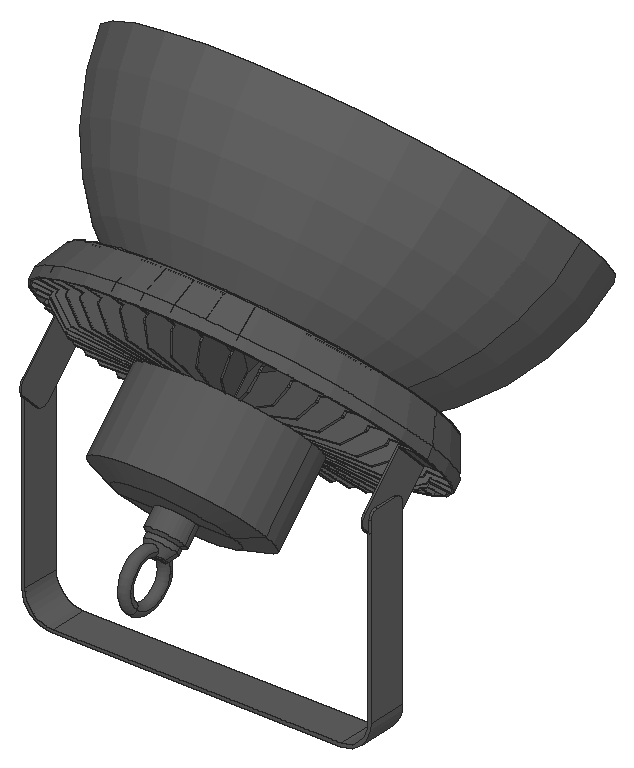
Revit family "0039367+0039355+0039360 Sylvania Lighting Fixture START HighBay IP65 DALI 26000lm 840 WB with BRACKET and ALU SHADE BLACK COLOR FOR 26KLM", category Lighting Fixtures, host Face, Revit 2016
Family settings
  Host = Face
  Part Type = Normal
  Round Connector Dimension = Use Diameter
  OmniClass Number = 23.80.70.00
  OmniClass Title = Lighting
  Cut with Voids When Loaded = No
  Light Source = No
  Shared = No
  Room Calculation Point = No
Parameters (values of type "0039367+0039355+0039360  START HighBay IP65 DALI 26000lm 840 WB with BRACKET and ALU SHADE BLACK COLOR FOR 26KLM")
  Weight = "3.7 kg"
  Wattage Comments = ""
  WarrantyStartDate [instance] = "n/a"
  WarrantyGuarantorParts = "n/a"
  WarrantyDurationUnit = "n/a"
  WarrantyDurationParts = "n/a"
  WarrantyDescription = "n/a"
  Voltage = 0 V
  URL = "http://www.sylvania-lighting.com"
  TypeName = "START HighBay IP65 DALI 26000lm 840 WB with BRACKET and ALU SHADE BLACK COLOR FOR 26KLM"
  TypeHead_FEILO = Start LED Highbay DALI Head : 0039367+0039355+0039360 START HighBay IP65 DALI 26000lm 840 WB with BRACKET and ALU SHADE BLACK COLOR FOR 26KLM
  Type Image = <None>
  Type Comments = "n/a"
  TiltAngle_FEILO [instance] = 45.00°
  ThicknessBracketPlate_FEILO = 3 mm
  SizeBracketS_FEILO = no
  SizeBracketM_FEILO = no
  SerialNumber [instance] = "n/a"
  RadiusBracketTop_FEILO = 7 mm
  RadiusBendOut_FEILO = if(SizeBracketS_FEILO, 18 mm, if(SizeBracketM_FEILO, 24 mm, 28 mm))  # 28 mm
  RadiusBendIn_FEILO = RadiusBendOut_FEILO - ThicknessBracketPlate_FEILO  # 25 mm
  Material_3_FEILO = none
  PowerFactor = 0.95
  PowerConsumption = "190 W"
  NominalLength = 339 mm
  NominalHeight = 189 mm
  NominalDepth = 339 mm
  Name = "START HighBay IP65 DALI 26000lm 840 WB with BRACKET and ALU SHADE BLACK COLOR FOR 26KLM"
  ModelReference = Name  # "START HighBay IP65 DALI 26000lm 840 WB with BRACKET and ALU SHADE BLACK COLOR FOR 26KLM"
  ModelNumber = "0039367+0039355+0039360"
  Model = Name  # "START HighBay IP65 DALI 26000lm 840 WB with BRACKET and ALU SHADE BLACK COLOR FOR 26KLM"
  Material = "aluminium alloy housing, polycarbonate diffuser"
  ManufacturerName = "Feilo Sylvania"
  Manufacturer = "Feilo Sylvania"
  LuminousEfficacy = "130 lm/W"
  LuminaireType = ""
  LightOutputRatio = "n/a"
  LampsType = Lamp  # "LED"
  LampNominalLuminous = "24700 lm"
  LampMacAdamStep = "6"
  LampColourTemperature = "6500 K"
  LampColourRenderingIndex = "80"
  Lamp = "LED"
  Keynote = "16500"
  InstallationDate [instance] = "n/a"
  InputVoltage = "n/a"
  InputNominalFrequency = "50/60 Hz"
  IngressProtection = "IP65"
  ImpactProtectionIndex = "IK08"
  IfcExportType = "IfcLightFixtureType"
  IfcExportAs = "IfcLightFixtureType"
  ExpectedLife = 50000
  EndAngle_FEILO [instance] = TiltAngle_FEILO + 180.00°  # 225.00°
  ElectricShockClassification = "Class I"
  DurationUnit = "hours"
  DocumentationLiterature = "http://www.sylvania-lighting.com/product/en-int/products/0039367"
  DimmingControlOptions = "Dimmable"
  Material_2_FEILO = none
  Description = "START Highbay, includes 1 m cables, black aluminium housing, 24,700 Lm, 190 W, 130 Lm/W, 6500 K, drive current: 4100 mA, CRI 80, 90° beam angle, DALI dimmable, IP65, IK08, 50,000 hrs (L80/B50), (D x H) 339 x 189 mm."
  Default Elevation = 1219.2 mm
  CreatedOn = "5/15/2018"
  CreatedBy = "aron.fodor@sylvania-lighting.com"
  Cost = 0
  built-in parameter 1114216 [instance] = (empty or 0)
  ClassificationValue = "EF_70_80"
  ClassificationName = "Uniclass2015"
  Material_1_FEILO = Body-Sylvania-StartHighbay-Black
  BracketHeight_FEILO = if(SizeBracketS_FEILO, 199.5 mm, if(SizeBracketM_FEILO, 209.6 mm, 201.3 mm))  # 201.3 mm
  BracketDistanceInner_FEILO = if(SizeBracketS_FEILO, 249.4 mm, if(SizeBracketM_FEILO, 273.6 mm, 313.2 mm))  # 313.2 mm
  BarCode [instance] = "n/a"
  AssetType = "Fixed"
  AssetIdentifier [instance] = "n/a"
  Assembly Code = "D5020200"
  Apparent Load = 190 VA
  Material_4_FEILO = none
Reference planes
  plane 1 "Center (Front/Back)": y = 0
  plane 2: z = 0
  plane 3 "Center (Left/Right)": x = 0
  plane 4: x = -159.6
  plane 5: x = 159.6
  plane 6: z = 201.3
  plane 7: x = -156.6
  plane 8: z = 3
  plane 9: x = 156.6
  plane 10: y = 17.5
  plane 11: y = -17.5
  plane 12: y = -19.5
  plane 13: z = 203.3
  plane 14: y = 19.5
  plane 15: z = 192.3
Forms (mm)
  Extrusion 1, solid, material "Body-Sylvania-StartHighbay-Black" <- "Material_1_FEILO"
    sketch origin (0, 0, 0) x (1, 0, 0) y (0, 0, 1)
      loop
        line (-159.6, 201.3) -> (-159.6, 28)
        arc (-159.6, 28) -> (-151.399, 8.201) -> (-131.6, 0) r 28
        line (-131.6, 0) -> (131.6, 0)
        arc (131.6, 0) -> (151.399, 8.201) -> (159.6, 28) r 28
        line (159.6, 28) -> (159.6, 201.3) -> (156.6, 201.3) -> (156.6, 28)
        arc (156.6, 28) -> (149.278, 10.322) -> (131.6, 3) r 25
        line (131.6, 3) -> (-131.6, 3)
        arc (-131.6, 3) -> (-149.278, 10.322) -> (-156.6, 28) r 25
        line (-156.6, 28) -> (-156.6, 201.3) -> (-159.6, 201.3)
    from -17.5 to 17.5
  Extrusion 2, void
    sketch origin (0, 0, 0) x (0, 1, 0) y (0, 0, 1)
      loop
        arc (10.5, 201.3) -> (15.45, 199.25) -> (17.5, 194.3) r 7
        line (17.5, 194.3) -> (19.5, 194.3) -> (19.5, 203.3) -> (-19.5, 203.3) -> (-19.5, 194.3) -> (-17.5, 194.3)
        arc (-17.5, 194.3) -> (-15.45, 199.25) -> (-10.5, 201.3) r 7
        line (-10.5, 201.3) -> (10.5, 201.3)
    from -159.6 to 159.6
  Revolve 3, solid, not visible
    sketch origin (1223.4, -4572, 192.3) x (0, -1, 0) y (1, 0, 0)
      loop
        line (-4572, -1223.4) -> (-4591.5, -1223.4) -> (-4591.5, -1277.783) -> (-4572, -1277.783) -> (-4572, -1223.4)
      axis (-4572, -1223.4) -> (-4572, -1277.783)
    angle from 45 <- "TiltAngle_FEILO" to 225 <- "EndAngle_FEILO"
Cuts and joins
  Extrusion 2 cuts Extrusion 1
Dimensions and locks
  "BracketHeight_FEILO": plane 6 to plane 2
  equal spacing: plane 11, plane 1 "Center (Front/Back)", plane 10
  locked: plane 11 to plane 10 at 35
  equal spacing: plane 9, plane 3 "Center (Left/Right)", plane 7
  "BracketDistanceInner_FEILO": plane 9 to plane 7
  "ThicknessBracketPlate_FEILO": plane 7 to plane 4
  "ThicknessBracketPlate_FEILO": plane 8 to plane 2
  equal spacing: plane 5, plane 3 "Center (Left/Right)", plane 4
  equal spacing: plane 12, plane 1 "Center (Front/Back)", plane 14
  locked: plane 6 to plane 13 at 2
  locked: plane 12 to plane 11 at 2
  locked: plane 6 to plane 15 at 9
  "RadiusBendOut_FEILO": radius of Extrusion 1 sketch curve  (x2)
  "RadiusBendIn_FEILO": radius of Extrusion 1 sketch curve  (x2)
  "RadiusBracketTop_FEILO": radius of Extrusion 2 sketch curve  (x2)
  aligned and locked: plane 2 to host face
  aligned and locked: level to host face
  aligned and locked: Extrusion 1 sketch curve to plane 4
  aligned and locked: Extrusion 1 sketch curve to level
  aligned and locked: plane 6 to Extrusion 1 sketch curve
  aligned and locked: Extrusion 1 sketch curve to plane 6
  aligned and locked: Extrusion 1 sketch curve to plane 7
  aligned and locked: plane 9 to Extrusion 1 sketch curve
  aligned and locked: plane 8 to Extrusion 1 sketch curve
  aligned and locked: Extrusion 1 to plane 10
  aligned and locked: plane 11 to Extrusion 1
  aligned and locked: Extrusion 1 to Extrusion 2 sketch curve
  aligned and locked: plane 14 to Extrusion 2 sketch curve  (x2)
  aligned and locked: Extrusion 2 sketch curve to plane 12
  aligned and locked: plane 13 to Extrusion 2 sketch curve
  aligned and locked: plane 5 to Extrusion 2
  aligned and locked: Extrusion 2 to plane 4
  aligned and locked: Revolve 3 sketch curve to plane 1 "Center (Front/Back)"
  aligned and locked: Revolve 3 sketch curve to Revolve 3 sketch curve
  aligned and locked: plane 3 "Center (Left/Right)" to Revolve 3 sketch curve
  aligned and locked: Revolve 3 sketch curve to plane 14
  aligned and locked: nested 1 to plane 3 "Center (Left/Right)"
Automatic sketch dimensions
  host sketch curve to host sketch curve = 2438.4 mm  (x2)
  Revolve 3 sketch curve to Revolve 3 sketch curve = 54.383 mm
  Revolve 3 sketch curve to plane 4 = 1396.3 mm
  plane 5 to Revolve 3 sketch curve = 1396.3 mm
  Extrusion 1 sketch curve to Extrusion 1 sketch curve = 0 mm
  Extrusion 2 sketch curve to plane 11 = 0 mm
  Extrusion 2 sketch curve to plane 10 = 0 mm
Nested families
  nested 1: "Start LED Highbay DALI Head" at (0, 0, 192.3) x (-1, 0, 0) z (0, 0.7071, 0.7071), type <- "TypeHead_FEILO", type "0039367+0039355+0039360 START HighBay IP65 DALI 26000lm 840 WB with BRACKET and ALU SHADE BLACK COLOR FOR 26KLM"
    with built-in parameter 1114216 (empty or 0)
Connectors
  electrical at (0, 0, 0), driven by "Apparent Load", driven by "PowerFactor", driven by "Voltage"
    settings: index 1, voltage 0 V, apparent load 190 VA, apparent load phase1 0 VA, apparent load phase2 0 VA, apparent load phase3 0 VA, power factor 0.95, load classification "Lighting", number of poles 1, system type 30, power factor state 1, is connector primary yes, connector utility no, sub classification motor no, connector description ""
Definition of nested family "Start LED Highbay DALI Head"
  Parameters (values of type "0039367+0039355+0039361 START HighBay IP65 DALI 26000lm 840 WB with BRACKET and PC LAMPSHADE TRANSPARENT FOR 26KLM")
    X_FEILO = if(SizeS_FEILO, 60.3 mm, if(SizeM_FEILO, 70.4 mm, 83.5 mm))  # 83.5 mm
    WidthStraight_FEILO = if(SizeS_FEILO, 3 mm, if(SizeM_FEILO, 4 mm, 4.7 mm))  # 4.7 mm
    WidthRingChamfer_FEILO = if(SizeS_FEILO, 10.3 mm, if(SizeM_FEILO, 11.2 mm, 12.9 mm))  # 12.9 mm
    WidthCurved_FEILO = if(SizeS_FEILO, 17.4 mm, if(SizeM_FEILO, 16.4 mm, 26.2 mm))  # 26.2 mm
    WidthCurvedRing_FEILO = if(SizeS_FEILO, 3 mm, if(SizeM_FEILO, 4 mm, 4.7 mm))  # 4.7 mm
    WidthBracket_FEILO = 40 mm
    Wattage Comments = ""
    Wattage = 190 W
    built-in parameter 1150110 = 1 (stored number, unit not read)
    URL = "http://www.sylvania-lighting.com"
    Type Image = (empty or 0)
    Type Comments = "n/a"
    built-in parameter 1114217 = 1 (stored number, unit not read)
    Tilt Angle = -90.00°
    ThicknessWall_FEILO = 1.5 mm
    ThicknessBracket_FEILO = 1.5 mm
    ThicknessBracketHalf_FEILO = ThicknessBracket_FEILO / 2  # 0.75 mm
    built-in parameter 1150109 = 1 (stored number, unit not read)
    built-in parameter 1150134 = 1
    built-in parameter 1150113 = 1 (stored number, unit not read)
    SizeS_FEILO = no
    SizeM_FEILO = no
    ShadeThickness_FEILO = 3 mm
    ShadeSizeSM_FEILO = or(SizeS_FEILO, SizeM_FEILO)  # no
    ShadeRadiusOut_FEILO = 205 mm
    ShadeRadiusIn_FEILO = if(ShadeSizeSM_FEILO, 95 mm, 121 mm)  # 121 mm
    ShadeRadiusBend_FEILO = if(ShadeSizeSM_FEILO, 210 mm, 210 mm)  # 210 mm
    ShadeOn_FEILO = yes
    ShadeHeight_FEILO = if(ShadeSizeSM_FEILO, 120 mm, 151 mm)  # 151 mm
    Rib4_FEILO = if(SizeS_FEILO, 18.1 mm, if(SizeM_FEILO, 13.6 mm, 14.6 mm))  # 14.6 mm
    Rib3_FEILO = if(SizeS_FEILO, 15.3 mm, if(SizeM_FEILO, 17.6 mm, 20.2 mm))  # 20.2 mm
    Rib2_FEILO = if(SizeS_FEILO, 3.6 mm, if(SizeM_FEILO, 3.9 mm, 4.5 mm))  # 4.5 mm
    Rib1_FEILO = if(SizeS_FEILO, 15.1 mm, if(SizeM_FEILO, 16.5 mm, 19 mm))  # 19 mm
    RadiusDiffuser_FEILO = if(SizeS_FEILO, 95.2 mm, if(SizeM_FEILO, 105.3 mm, 120 mm))  # 120 mm
    RadiusArrayPost_FEILO = DriverRadius_FEILO - 6 mm  # 70.4 mm
    RHRadius3_FEILO = if(SizeS_FEILO, 6.6 mm, if(SizeM_FEILO, 7.4 mm, 8.6 mm))  # 8.6 mm
    RHRadius2_FEILO = if(SizeS_FEILO, 11 mm, if(SizeM_FEILO, 12 mm, 14 mm))  # 14 mm
    RHRadius1_FEILO = if(SizeS_FEILO, 13.6 mm, if(SizeM_FEILO, 14.9 mm, 17.7 mm))  # 17.7 mm
    RHHeight4_FEILO = if(SizeS_FEILO, 7.3 mm, if(SizeM_FEILO, 8 mm, 9.2 mm))  # 9.2 mm
    RHHeight3_FEILO = if(SizeS_FEILO, 3.6 mm, if(SizeM_FEILO, 3.7 mm, 4.6 mm))  # 4.6 mm
    RHHeight2_FEILO = if(SizeS_FEILO, 2 mm, if(SizeM_FEILO, 2.2 mm, 2.6 mm))  # 2.6 mm
    RHHeight1_FEILO = if(SizeS_FEILO, 11.8 mm, if(SizeM_FEILO, 15.3 mm, 17.4 mm))  # 17.4 mm
    Photometric Web File = "0039367+0039361.ies"
    Material_5_FEILO = none
    Material_3_FEILO = none
    Model = "START HighBay IP65 DALI 26000lm 840 WB with BRACKET and PC LAMPSHADE TRANSPARENT FOR 26KLM"
    Manufacturer = "Feilo Sylvania"
    built-in parameter 1150105 = 33385.3 (stored number, unit not read)
    Lumens = 24700 lm
    built-in parameter 1150115 = 1 (stored number, unit not read)
    built-in parameter 1150137 = (empty or 0)
    built-in parameter 1150139 = (empty or 0)
    built-in parameter 1150112 = 1 (stored number, unit not read)
    built-in parameter 1150114 = 1 (stored number, unit not read)
    Lamp = "LED"
    Keynote = "16500"
    built-in parameter 1150132 = (empty or 0)
    built-in parameter 1150102 = (empty or 0)
    built-in parameter 1150107 = 6500 (stored number, unit not read)
    built-in parameter 1150138 = (empty or 0)
    built-in parameter 1150106 = 333.85 (stored number, unit not read)
    HeightRing_FEILO = if(SizeS_FEILO, 19.8 mm, if(SizeM_FEILO, 32 mm, 36.8 mm))  # 36.8 mm
    HeightRingChamfer_FEILO = if(SizeS_FEILO, 11.7 mm, if(SizeM_FEILO, 23.2 mm, 26.6 mm))  # 26.6 mm
    EyeThickness_FEILO = if(SizeS_FEILO, 8.4 mm, if(SizeM_FEILO, 9.2 mm, 10.5 mm))  # 10.5 mm
    EyeThicknessHalf_FEILO = EyeThickness_FEILO / 2  # 5.25 mm
    EyeInner_FEILO = if(SizeS_FEILO, 13.8 mm, if(SizeM_FEILO, 15.1 mm, 17.3 mm))  # 17.3 mm
    Emit from Circle Diameter = RadiusDiffuser_FEILO * 2  # 240 mm
    Emit Shape Visible in Rendering = no
    built-in parameter 1150104 = 12.077 (stored number, unit not read)
    DriverVerticalStraight_FEILO = if(SizeS_FEILO, 46.5 mm, if(SizeM_FEILO, 49.7 mm, 57 mm))  # 57 mm
    DriverVerticalChamfer_FEILO = if(SizeS_FEILO, 7.5 mm, if(SizeM_FEILO, 8.2 mm, 9.5 mm))  # 9.5 mm
    DriverRadius_FEILO = if(SizeS_FEILO, 61.4 mm, if(SizeM_FEILO, 67.2 mm, 76.4 mm))  # 76.4 mm
    DriverRadiusTop_FEILO = if(SizeS_FEILO, 42 mm, if(SizeM_FEILO, 45.3 mm, 52.4 mm))  # 52.4 mm
    DriverBottom_FEILO = if(SizeS_FEILO, 56 mm, if(SizeM_FEILO, 64.5 mm, 74 mm))  # 74 mm
    Material_2_FEILO = none
    Radius_FEILO = if(SizeS_FEILO, 135 mm, if(SizeM_FEILO, 148 mm, 169.5 mm))  # 169.5 mm
    Dimming Lamp Color Temperature Shift = (empty or 0)
    DiameterWire_FEILO = 3 mm
    DiameterWireSupport_FEILO = 10 mm
    Description = "START Highbay, includes 1 m cables, black aluminium housing, 24,700 Lm, 190 W, 130 Lm/W, 6500 K, drive current: 4100 mA, CRI 80, 90° beam angle, DALI dimmable, IP65, IK08, 50,000 hrs (L80/B50), (D x H) 339 x 189 mm."
    Default Elevation = 1219.2 mm
    Cost = 0
    Color Filter = 16777215
    built-in parameter 1114216 [instance] = (empty or 0)
    Material_1_FEILO = none
    built-in parameter 1114218 = 1 (stored number, unit not read)
    built-in parameter 1150133 = 10 (stored number, unit not read)
    Assembly Code = "D5020200"
    Apparent Load = 190 VA
    Material_4_FEILO = none
  Types (24, lengths in mm): name | X_FEILO | WidthStraight_FEILO | WidthRingChamfer_FEILO | WidthCurved_FEILO | WidthCurvedRing_FEILO | Wattage | built-in parameter 1150134 | SizeS_FEILO | SizeM_FEILO | ShadeSizeSM_FEILO | ShadeRadiusIn_FEILO | ShadeOn_FEILO | ShadeHeight_FEILO | Rib4_FEILO | Rib3_FEILO | Rib2_FEILO | Rib1_FEILO | RadiusDiffuser_FEILO | RadiusArrayPost_FEILO | RHRadius3_FEILO | RHRadius2_FEILO | RHRadius1_FEILO | RHHeight4_FEILO | RHHeight3_FEILO | RHHeight2_FEILO | RHHeight1_FEILO | Photometric Web File | Model | built-in parameter 1150105 | Lumens | built-in parameter 1150107 | built-in parameter 1150106 | HeightRing_FEILO | HeightRingChamfer_FEILO | EyeThickness_FEILO | EyeThicknessHalf_FEILO | EyeInner_FEILO | Emit from Circle Diameter | DriverVerticalStraight_FEILO | DriverVerticalChamfer_FEILO | DriverRadius_FEILO | DriverRadiusTop_FEILO | DriverBottom_FEILO | Radius_FEILO | Description | Apparent Load
    0039367+0039355+0039361 START HighBay IP65 DALI 26000lm 840 WB with BRACKET and PC LAMPSHADE TRANSPARENT FOR 26KLM | 83.5 | 4.7 | 12.9 | 26.2 | 4.7 | 190 W | 1 | no | no | no | 121 | yes | 151 | 14.6 | 20.2 | 4.5 | 19 | 120 | 70.4 | 8.6 | 14 | 17.7 | 9.2 | 4.6 | 2.6 | 17.4 | "0039367+0039361.ies" | "START HighBay IP65 DALI 26000lm 840 WB with BRACKET and PC LAMPSHADE TRANSPARENT FOR 26KLM" | 33385.3 (stored number, unit not read) | 24700 lm | 6500 (stored number, unit not read) | 333.85 (stored number, unit not read) | 36.8 | 26.6 | 10.5 | 5.25 | 17.3 | 240 | 57 | 9.5 | 76.4 | 52.4 | 74 | 169.5 | "START Highbay, includes 1 m cables, black aluminium housing, 24,700 Lm, 190 W, 130 Lm/W, 6500 K, drive current: 4100 mA, CRI 80, 90° beam angle, DALI dimmable, IP65, IK08, 50,000 hrs (L80/B50), (D x H) 339 x 189 mm." | 190 VA
    0039367+0039355+0039360 START HighBay IP65 DALI 26000lm 840 WB with BRACKET and ALU SHADE BLACK COLOR FOR 26KLM | 83.5 | 4.7 | 12.9 | 26.2 | 4.7 | 190 W | 1 | no | no | no | 121 | yes | 151 | 14.6 | 20.2 | 4.5 | 19 | 120 | 70.4 | 8.6 | 14 | 17.7 | 9.2 | 4.6 | 2.6 | 17.4 | "0039367+0039360.ies" | "START HighBay IP65 DALI 26000lm 840 WB with BRACKET and ALU SHADE BLACK COLOR FOR 26KLM" | 33569.2 (stored number, unit not read) | 24700 lm | 6500 (stored number, unit not read) | 335.69 (stored number, unit not read) | 36.8 | 26.6 | 10.5 | 5.25 | 17.3 | 240 | 57 | 9.5 | 76.4 | 52.4 | 74 | 169.5 | "START Highbay, includes 1 m cables, black aluminium housing, 24,700 Lm, 190 W, 130 Lm/W, 6500 K, drive current: 4100 mA, CRI 80, 90° beam angle, DALI dimmable, IP65, IK08, 50,000 hrs (L80/B50), (D x H) 339 x 189 mm." | 190 VA
    0039367+0039355+0039359 START HighBay IP65 DALI 26000lm 840 WB with BRACKET and ALU SHADE ALU COLOR FOR 26KLM | 83.5 | 4.7 | 12.9 | 26.2 | 4.7 | 190 W | 1 | no | no | no | 121 | yes | 151 | 14.6 | 20.2 | 4.5 | 19 | 120 | 70.4 | 8.6 | 14 | 17.7 | 9.2 | 4.6 | 2.6 | 17.4 | "0039367+0039359.ies" | "START HighBay IP65 DALI 26000lm 840 WB with BRACKET and ALU SHADE ALU COLOR FOR 26KLM" | 33569.2 (stored number, unit not read) | 24700 lm | 6500 (stored number, unit not read) | 335.69 (stored number, unit not read) | 36.8 | 26.6 | 10.5 | 5.25 | 17.3 | 240 | 57 | 9.5 | 76.4 | 52.4 | 74 | 169.5 | "START Highbay, includes 1 m cables, black aluminium housing, 24,700 Lm, 190 W, 130 Lm/W, 6500 K, drive current: 4100 mA, CRI 80, 90° beam angle, DALI dimmable, IP65, IK08, 50,000 hrs (L80/B50), (D x H) 339 x 189 mm." | 190 VA
    0039367+0039355 START HighBay IP65 DALI 26000lm 840 WB with BRACKET | 83.5 | 4.7 | 12.9 | 26.2 | 4.7 | 190 W | 1 | no | no | no | 121 | no | 151 | 14.6 | 20.2 | 4.5 | 19 | 120 | 70.4 | 8.6 | 14 | 17.7 | 9.2 | 4.6 | 2.6 | 17.4 | "0039367.ies" | "START HighBay IP65 DALI 26000lm 840 WB with BRACKET" | 13532 (stored number, unit not read) | 24700 lm | 6500 (stored number, unit not read) | 135.32 (stored number, unit not read) | 36.8 | 26.6 | 10.5 | 5.25 | 17.3 | 240 | 57 | 9.5 | 76.4 | 52.4 | 74 | 169.5 | "START Highbay, includes 1 m cables, black aluminium housing, 24,700 Lm, 190 W, 130 Lm/W, 6500 K, drive current: 4100 mA, CRI 80, 90° beam angle, DALI dimmable, IP65, IK08, 50,000 hrs (L80/B50), (D x H) 339 x 189 mm." | 190 VA
    0039366+0039354+0039358 START HighBay IP65 DALI 19000lm 840 WB with BRACKET and PC LAMPSHADE TRANSPARENT 13/19KLM | 70.4 | 4 | 11.2 | 16.4 | 4 | 150 W | 1 | no | yes | yes | 95 | yes | 120 | 13.6 | 17.6 | 3.9 | 16.5 | 105.3 | 61.2 | 7.4 | 12 | 14.9 | 8 | 3.7 | 2.2 | 15.3 | "0039366+0039358.ies" | "START HighBay IP65 DALI 19000lm 840 WB with BRACKET and PC LAMPSHADE TRANSPARENT 13/19KLM" | 26356.9 (stored number, unit not read) | 19500 lm | 6500 (stored number, unit not read) | 263.57 (stored number, unit not read) | 32 | 23.2 | 9.2 | 4.6 | 15.1 | 210.6 | 49.7 | 8.2 | 67.2 | 45.3 | 64.5 | 148 | "START Highbay, includes 1 m cables, black aluminium housing, 19,500 Lm, 150 W, 130 Lm/W, 6500 K, drive current: 3300 mA, CRI 80, 90° beam angle, DALI dimmable, IP65, IK08, 50,000 hrs (L80/B50), (D x H) 296 x 172 mm." | 150 VA
    0039366+0039354+0039357 START HighBay IP65 DALI 19000lm 840 WB with BRACKET and ALU SHADE BLACK COLOR FOR 13/19KLM | 70.4 | 4 | 11.2 | 16.4 | 4 | 150 W | 1 | no | yes | yes | 95 | yes | 120 | 13.6 | 17.6 | 3.9 | 16.5 | 105.3 | 61.2 | 7.4 | 12 | 14.9 | 8 | 3.7 | 2.2 | 15.3 | "0039366+0039357.ies" | "START HighBay IP65 DALI 19000lm 840 WB with BRACKET and ALU SHADE BLACK COLOR FOR 13/19KLM" | 26502 (stored number, unit not read) | 19500 lm | 6500 (stored number, unit not read) | 265.02 (stored number, unit not read) | 32 | 23.2 | 9.2 | 4.6 | 15.1 | 210.6 | 49.7 | 8.2 | 67.2 | 45.3 | 64.5 | 148 | "START Highbay, includes 1 m cables, black aluminium housing, 19,500 Lm, 150 W, 130 Lm/W, 6500 K, drive current: 3300 mA, CRI 80, 90° beam angle, DALI dimmable, IP65, IK08, 50,000 hrs (L80/B50), (D x H) 296 x 172 mm." | 150 VA
    0039366+0039354+0039356 START HighBay IP65 DALI 19000lm 840 WB with BRACKET and ALU SHADE ALU COLOR FOR 13/19KLM | 70.4 | 4 | 11.2 | 16.4 | 4 | 150 W | 1 | no | yes | yes | 95 | yes | 120 | 13.6 | 17.6 | 3.9 | 16.5 | 105.3 | 61.2 | 7.4 | 12 | 14.9 | 8 | 3.7 | 2.2 | 15.3 | "0039366+0039356.ies" | "START HighBay IP65 DALI 19000lm 840 WB with BRACKET and ALU SHADE ALU COLOR FOR 13/19KLM" | 26502 (stored number, unit not read) | 19500 lm | 6500 (stored number, unit not read) | 265.02 (stored number, unit not read) | 32 | 23.2 | 9.2 | 4.6 | 15.1 | 210.6 | 49.7 | 8.2 | 67.2 | 45.3 | 64.5 | 148 | "START Highbay, includes 1 m cables, black aluminium housing, 19,500 Lm, 150 W, 130 Lm/W, 6500 K, drive current: 3300 mA, CRI 80, 90° beam angle, DALI dimmable, IP65, IK08, 50,000 hrs (L80/B50), (D x H) 296 x 172 mm." | 150 VA
    0039366+0039354 START HighBay IP65 DALI 19000lm 840 WB with BRACKET | 70.4 | 4 | 11.2 | 16.4 | 4 | 150 W | 1 | no | yes | yes | 95 | no | 120 | 13.6 | 17.6 | 3.9 | 16.5 | 105.3 | 61.2 | 7.4 | 12 | 14.9 | 8 | 3.7 | 2.2 | 15.3 | "0039366.ies" | "START HighBay IP65 DALI 19000lm 840 WB with BRACKET" | 10981.5 (stored number, unit not read) | 19500 lm | 6500 (stored number, unit not read) | 109.82 (stored number, unit not read) | 32 | 23.2 | 9.2 | 4.6 | 15.1 | 210.6 | 49.7 | 8.2 | 67.2 | 45.3 | 64.5 | 148 | "START Highbay, includes 1 m cables, black aluminium housing, 19,500 Lm, 150 W, 130 Lm/W, 6500 K, drive current: 3300 mA, CRI 80, 90° beam angle, DALI dimmable, IP65, IK08, 50,000 hrs (L80/B50), (D x H) 296 x 172 mm." | 150 VA
    0039365+0039353+0039358 START HighBay IP65 DALI 13000lm 840 WB with BRACKET and PC LAMPSHADE TRANSPARENT 13/19KLM | 60.3 | 3 | 10.3 | 17.4 | 3 | 90 W | 1 | yes | no | yes | 95 | yes | 120 | 18.1 | 15.3 | 3.6 | 15.1 | 95.2 | 55.4 | 6.6 | 11 | 13.6 | 7.3 | 3.6 | 2 | 11.8 | "0039365+0039358.ies" | "START HighBay IP65 DALI 13000lm 840 WB with BRACKET and PC LAMPSHADE TRANSPARENT 13/19KLM" | 15814.1 (stored number, unit not read) | 11700 lm | 6500 (stored number, unit not read) | 158.14 (stored number, unit not read) | 19.8 | 11.7 | 8.4 | 4.2 | 13.8 | 190.4 | 46.5 | 7.5 | 61.4 | 42 | 56 | 135 | "START Highbay, includes 1 m cables, black aluminium housing, 11,700 Lm, 90 W, 130 Lm/W, 6500 K, drive current: 2000 mA, CRI 80, 90° beam angle, DALI dimmable, IP65, IK08, 50,000 hrs (L80/B50), (D x H) 270 x 175 mm." | 90 VA
    0039365+0039353+0039357 START HighBay IP65 DALI 13000lm 840 WB with BRACKET and ALU SHADE BLACK COLOR FOR 13/19KLM | 60.3 | 3 | 10.3 | 17.4 | 3 | 90 W | 1 | yes | no | yes | 95 | yes | 120 | 18.1 | 15.3 | 3.6 | 15.1 | 95.2 | 55.4 | 6.6 | 11 | 13.6 | 7.3 | 3.6 | 2 | 11.8 | "0039365+0039357.ies" | "START HighBay IP65 DALI 13000lm 840 WB with BRACKET and ALU SHADE BLACK COLOR FOR 13/19KLM" | 15901.2 (stored number, unit not read) | 11700 lm | 6500 (stored number, unit not read) | 159.01 (stored number, unit not read) | 19.8 | 11.7 | 8.4 | 4.2 | 13.8 | 190.4 | 46.5 | 7.5 | 61.4 | 42 | 56 | 135 | "START Highbay, includes 1 m cables, black aluminium housing, 11,700 Lm, 90 W, 130 Lm/W, 6500 K, drive current: 2000 mA, CRI 80, 90° beam angle, DALI dimmable, IP65, IK08, 50,000 hrs (L80/B50), (D x H) 270 x 175 mm." | 90 VA
    0039365+0039353+0039356 START HighBay IP65 DALI 13000lm 840 WB with BRACKET and ALU SHADE ALU COLOR FOR 13/19KLM | 60.3 | 3 | 10.3 | 17.4 | 3 | 90 W | 1 | yes | no | yes | 95 | yes | 120 | 18.1 | 15.3 | 3.6 | 15.1 | 95.2 | 55.4 | 6.6 | 11 | 13.6 | 7.3 | 3.6 | 2 | 11.8 | "0039365+0039356.ies" | "START HighBay IP65 DALI 13000lm 840 WB with BRACKET and ALU SHADE ALU COLOR FOR 13/19KLM" | 15901.2 (stored number, unit not read) | 11700 lm | 6500 (stored number, unit not read) | 159.01 (stored number, unit not read) | 19.8 | 11.7 | 8.4 | 4.2 | 13.8 | 190.4 | 46.5 | 7.5 | 61.4 | 42 | 56 | 135 | "START Highbay, includes 1 m cables, black aluminium housing, 11,700 Lm, 90 W, 130 Lm/W, 6500 K, drive current: 2000 mA, CRI 80, 90° beam angle, DALI dimmable, IP65, IK08, 50,000 hrs (L80/B50), (D x H) 270 x 175 mm." | 90 VA
    0039365+0039353 START HighBay IP65 DALI 13000lm 840 WB with BRACKET | 60.3 | 3 | 10.3 | 17.4 | 3 | 90 W | 1 | yes | no | yes | 95 | no | 120 | 18.1 | 15.3 | 3.6 | 15.1 | 95.2 | 55.4 | 6.6 | 11 | 13.6 | 7.3 | 3.6 | 2 | 11.8 | "0039365.ies" | "START HighBay IP65 DALI 13000lm 840 WB with BRACKET" | 6365.5 (stored number, unit not read) | 11700 lm | 6500 (stored number, unit not read) | 63.655 (stored number, unit not read) | 19.8 | 11.7 | 8.4 | 4.2 | 13.8 | 190.4 | 46.5 | 7.5 | 61.4 | 42 | 56 | 135 | "START Highbay, includes 1 m cables, black aluminium housing, 11,700 Lm, 90 W, 130 Lm/W, 6500 K, drive current: 2000 mA, CRI 80, 90° beam angle, DALI dimmable, IP65, IK08, 50,000 hrs (L80/B50), (D x H) 270 x 175 mm." | 90 VA
    0039364+0039355+0039361 START HighBay IP65 DALI 26000lm 840 MB with BRACKET and PC LAMPSHADE TRANSPARENT FOR 26KLM | 83.5 | 4.7 | 12.9 | 26.2 | 4.7 | 190 W | 12 | no | no | no | 121 | yes | 151 | 14.6 | 20.2 | 4.5 | 19 | 120 | 70.4 | 8.6 | 14 | 17.7 | 9.2 | 4.6 | 2.6 | 17.4 | "0039364+0039361.ies" | "START HighBay IP65 DALI 26000lm 840 MB with BRACKET and PC LAMPSHADE TRANSPARENT FOR 26KLM" | 33385.3 (stored number, unit not read) | 24700 lm | 4000 (stored number, unit not read) | 333.85 (stored number, unit not read) | 36.8 | 26.6 | 10.5 | 5.25 | 17.3 | 240 | 57 | 9.5 | 76.4 | 52.4 | 74 | 169.5 | "START Highbay, includes 1 m cables, black aluminium housing, 24,700 Lm, 190 W, 130 Lm/W, 4000 K, drive current: 4100 mA, CRI 80, 60° beam angle, DALI dimmable, IP65, IK08, 50,000 hrs (L80/B50), (D x H) 339 x 189 mm." | 190 VA
    0039364+0039355+0039360 START HighBay IP65 DALI 26000lm 840 MB with BRACKET and ALU SHADE BLACK COLOR FOR 26KLM | 83.5 | 4.7 | 12.9 | 26.2 | 4.7 | 190 W | 12 | no | no | no | 121 | yes | 151 | 14.6 | 20.2 | 4.5 | 19 | 120 | 70.4 | 8.6 | 14 | 17.7 | 9.2 | 4.6 | 2.6 | 17.4 | "0039364+0039360.ies" | "START HighBay IP65 DALI 26000lm 840 MB with BRACKET and ALU SHADE BLACK COLOR FOR 26KLM" | 33569.2 (stored number, unit not read) | 24700 lm | 4000 (stored number, unit not read) | 335.69 (stored number, unit not read) | 36.8 | 26.6 | 10.5 | 5.25 | 17.3 | 240 | 57 | 9.5 | 76.4 | 52.4 | 74 | 169.5 | "START Highbay, includes 1 m cables, black aluminium housing, 24,700 Lm, 190 W, 130 Lm/W, 4000 K, drive current: 4100 mA, CRI 80, 60° beam angle, DALI dimmable, IP65, IK08, 50,000 hrs (L80/B50), (D x H) 339 x 189 mm." | 190 VA
    0039364+0039355+0039359 START HighBay IP65 DALI 26000lm 840 MB with BRACKET and ALU SHADE ALU COLOR FOR 26KLM | 83.5 | 4.7 | 12.9 | 26.2 | 4.7 | 190 W | 12 | no | no | no | 121 | yes | 151 | 14.6 | 20.2 | 4.5 | 19 | 120 | 70.4 | 8.6 | 14 | 17.7 | 9.2 | 4.6 | 2.6 | 17.4 | "0039364+0039359.ies" | "START HighBay IP65 DALI 26000lm 840 MB with BRACKET and ALU SHADE ALU COLOR FOR 26KLM" | 33569.2 (stored number, unit not read) | 24700 lm | 4000 (stored number, unit not read) | 335.69 (stored number, unit not read) | 36.8 | 26.6 | 10.5 | 5.25 | 17.3 | 240 | 57 | 9.5 | 76.4 | 52.4 | 74 | 169.5 | "START Highbay, includes 1 m cables, black aluminium housing, 24,700 Lm, 190 W, 130 Lm/W, 4000 K, drive current: 4100 mA, CRI 80, 60° beam angle, DALI dimmable, IP65, IK08, 50,000 hrs (L80/B50), (D x H) 339 x 189 mm." | 190 VA
    0039364+0039355 START HighBay IP65 DALI 26000lm 840 MB with BRACKET | 83.5 | 4.7 | 12.9 | 26.2 | 4.7 | 190 W | 12 | no | no | no | 121 | no | 151 | 14.6 | 20.2 | 4.5 | 19 | 120 | 70.4 | 8.6 | 14 | 17.7 | 9.2 | 4.6 | 2.6 | 17.4 | "0039364.ies" | "START HighBay IP65 DALI 26000lm 840 MB with BRACKET" | 26901.8 (stored number, unit not read) | 24700 lm | 4000 (stored number, unit not read) | 269.02 (stored number, unit not read) | 36.8 | 26.6 | 10.5 | 5.25 | 17.3 | 240 | 57 | 9.5 | 76.4 | 52.4 | 74 | 169.5 | "START Highbay, includes 1 m cables, black aluminium housing, 24,700 Lm, 190 W, 130 Lm/W, 4000 K, drive current: 4100 mA, CRI 80, 60° beam angle, DALI dimmable, IP65, IK08, 50,000 hrs (L80/B50), (D x H) 339 x 189 mm." | 190 VA
    0039363+0039354+0039358 START HighBay IP65 DALI 19000lm 840 MB with BRACKET and PC LAMPSHADE TRANSPARENT 13/19KLM | 70.4 | 4 | 11.2 | 16.4 | 4 | 150 W | 12 | no | yes | yes | 95 | yes | 120 | 13.6 | 17.6 | 3.9 | 16.5 | 105.3 | 61.2 | 7.4 | 12 | 14.9 | 8 | 3.7 | 2.2 | 15.3 | "0039363+0039358.ies" | "START HighBay IP65 DALI 19000lm 840 MB with BRACKET and PC LAMPSHADE TRANSPARENT 13/19KLM" | 26356.9 (stored number, unit not read) | 19500 lm | 4000 (stored number, unit not read) | 263.57 (stored number, unit not read) | 32 | 23.2 | 9.2 | 4.6 | 15.1 | 210.6 | 49.7 | 8.2 | 67.2 | 45.3 | 64.5 | 148 | "START Highbay, includes 1 m cables, black aluminium housing, 19,500 Lm, 150 W, 130 Lm/W, 4000 K, drive current: 3300 mA, CRI 80, 60° beam angle, DALI dimmable, IP65, IK08, 50,000 hrs (L80/B50), (D x H) 296 x 172 mm." | 150 VA
    0039363+0039354+0039357 START HighBay IP65 DALI 19000lm 840 MB with BRACKET and ALU SHADE BLACK COLOR FOR 13/19KLM | 70.4 | 4 | 11.2 | 16.4 | 4 | 150 W | 12 | no | yes | yes | 95 | yes | 120 | 13.6 | 17.6 | 3.9 | 16.5 | 105.3 | 61.2 | 7.4 | 12 | 14.9 | 8 | 3.7 | 2.2 | 15.3 | "0039363+0039357.ies" | "START HighBay IP65 DALI 19000lm 840 MB with BRACKET and ALU SHADE BLACK COLOR FOR 13/19KLM" | 26502 (stored number, unit not read) | 19500 lm | 4000 (stored number, unit not read) | 265.02 (stored number, unit not read) | 32 | 23.2 | 9.2 | 4.6 | 15.1 | 210.6 | 49.7 | 8.2 | 67.2 | 45.3 | 64.5 | 148 | "START Highbay, includes 1 m cables, black aluminium housing, 19,500 Lm, 150 W, 130 Lm/W, 4000 K, drive current: 3300 mA, CRI 80, 60° beam angle, DALI dimmable, IP65, IK08, 50,000 hrs (L80/B50), (D x H) 296 x 172 mm." | 150 VA
    0039363+0039354+0039356 START HighBay IP65 DALI 19000lm 840 MB with BRACKET and ALU SHADE ALU COLOR FOR 13/19KLM | 70.4 | 4 | 11.2 | 16.4 | 4 | 150 W | 12 | no | yes | yes | 95 | yes | 120 | 13.6 | 17.6 | 3.9 | 16.5 | 105.3 | 61.2 | 7.4 | 12 | 14.9 | 8 | 3.7 | 2.2 | 15.3 | "0039363+0039356.ies" | "START HighBay IP65 DALI 19000lm 840 MB with BRACKET and ALU SHADE ALU COLOR FOR 13/19KLM" | 26502 (stored number, unit not read) | 19500 lm | 4000 (stored number, unit not read) | 265.02 (stored number, unit not read) | 32 | 23.2 | 9.2 | 4.6 | 15.1 | 210.6 | 49.7 | 8.2 | 67.2 | 45.3 | 64.5 | 148 | "START Highbay, includes 1 m cables, black aluminium housing, 19,500 Lm, 150 W, 130 Lm/W, 4000 K, drive current: 3300 mA, CRI 80, 60° beam angle, DALI dimmable, IP65, IK08, 50,000 hrs (L80/B50), (D x H) 296 x 172 mm." | 150 VA
    0039363+0039354 START HighBay IP65 DALI 19000lm 840 MB with BRACKET | 70.4 | 4 | 11.2 | 16.4 | 4 | 150 W | 12 | no | yes | yes | 95 | no | 120 | 13.6 | 17.6 | 3.9 | 16.5 | 105.3 | 61.2 | 7.4 | 12 | 14.9 | 8 | 3.7 | 2.2 | 15.3 | "0039363.ies" | "START HighBay IP65 DALI 19000lm 840 MB with BRACKET" | 22125.4 (stored number, unit not read) | 19500 lm | 4000 (stored number, unit not read) | 221.25 (stored number, unit not read) | 32 | 23.2 | 9.2 | 4.6 | 15.1 | 210.6 | 49.7 | 8.2 | 67.2 | 45.3 | 64.5 | 148 | "START Highbay, includes 1 m cables, black aluminium housing, 19,500 Lm, 150 W, 130 Lm/W, 4000 K, drive current: 3300 mA, CRI 80, 60° beam angle, DALI dimmable, IP65, IK08, 50,000 hrs (L80/B50), (D x H) 296 x 172 mm." | 150 VA
    0039362+0039353+0039358 START HighBay IP65 DALI 13000lm 840 MB with BRACKET and PC LAMPSHADE TRANSPARENT 13/19KLM | 60.3 | 3 | 10.3 | 17.4 | 3 | 90 W | 12 | yes | no | yes | 95 | yes | 120 | 18.1 | 15.3 | 3.6 | 15.1 | 95.2 | 55.4 | 6.6 | 11 | 13.6 | 7.3 | 3.6 | 2 | 11.8 | "0039362+0039358.ies" | "START HighBay IP65 DALI 13000lm 840 MB with BRACKET and PC LAMPSHADE TRANSPARENT 13/19KLM" | 15814.1 (stored number, unit not read) | 11700 lm | 4000 (stored number, unit not read) | 158.14 (stored number, unit not read) | 19.8 | 11.7 | 8.4 | 4.2 | 13.8 | 190.4 | 46.5 | 7.5 | 61.4 | 42 | 56 | 135 | "START Highbay, includes 1 m cables, black aluminium housing, 11,700 Lm, 90 W, 130 Lm/W, 4000 K, drive current: 2000 mA, CRI 80, 60° beam angle, DALI dimmable, IP65, IK08, 50,000 hrs (L80/B50), (D x H) 270 x 175 mm." | 90 VA
    0039362+0039353+0039357 START HighBay IP65 DALI 13000lm 840 MB with BRACKET and ALU SHADE BLACK COLOR FOR 13/19KLM | 60.3 | 3 | 10.3 | 17.4 | 3 | 90 W | 12 | yes | no | yes | 95 | yes | 120 | 18.1 | 15.3 | 3.6 | 15.1 | 95.2 | 55.4 | 6.6 | 11 | 13.6 | 7.3 | 3.6 | 2 | 11.8 | "0039362+0039357.ies" | "START HighBay IP65 DALI 13000lm 840 MB with BRACKET and ALU SHADE BLACK COLOR FOR 13/19KLM" | 15901.2 (stored number, unit not read) | 11700 lm | 4000 (stored number, unit not read) | 159.01 (stored number, unit not read) | 19.8 | 11.7 | 8.4 | 4.2 | 13.8 | 190.4 | 46.5 | 7.5 | 61.4 | 42 | 56 | 135 | "START Highbay, includes 1 m cables, black aluminium housing, 11,700 Lm, 90 W, 130 Lm/W, 4000 K, drive current: 2000 mA, CRI 80, 60° beam angle, DALI dimmable, IP65, IK08, 50,000 hrs (L80/B50), (D x H) 270 x 175 mm." | 90 VA
    0039362+0039353+0039356 START HighBay IP65 DALI 13000lm 840 MB with BRACKET and ALU SHADE ALU COLOR FOR 13/19KLM | 60.3 | 3 | 10.3 | 17.4 | 3 | 90 W | 12 | yes | no | yes | 95 | yes | 120 | 18.1 | 15.3 | 3.6 | 15.1 | 95.2 | 55.4 | 6.6 | 11 | 13.6 | 7.3 | 3.6 | 2 | 11.8 | "0039362+0039356.ies" | "START HighBay IP65 DALI 13000lm 840 MB with BRACKET and ALU SHADE ALU COLOR FOR 13/19KLM" | 15901.2 (stored number, unit not read) | 11700 lm | 4000 (stored number, unit not read) | 159.01 (stored number, unit not read) | 19.8 | 11.7 | 8.4 | 4.2 | 13.8 | 190.4 | 46.5 | 7.5 | 61.4 | 42 | 56 | 135 | "START Highbay, includes 1 m cables, black aluminium housing, 11,700 Lm, 90 W, 130 Lm/W, 4000 K, drive current: 2000 mA, CRI 80, 60° beam angle, DALI dimmable, IP65, IK08, 50,000 hrs (L80/B50), (D x H) 270 x 175 mm." | 90 VA
    0039362+0039353 START HighBay IP65 DALI 13000lm 840 MB with BRACKET | 60.3 | 3 | 10.3 | 17.4 | 3 | 90 W | 12 | yes | no | yes | 95 | no | 120 | 18.1 | 15.3 | 3.6 | 15.1 | 95.2 | 55.4 | 6.6 | 11 | 13.6 | 7.3 | 3.6 | 2 | 11.8 | "0039362.ies" | "START HighBay IP65 DALI 13000lm 840 MB with BRACKET" | 13336.9 (stored number, unit not read) | 11700 lm | 4000 (stored number, unit not read) | 133.37 (stored number, unit not read) | 19.8 | 11.7 | 8.4 | 4.2 | 13.8 | 190.4 | 46.5 | 7.5 | 61.4 | 42 | 56 | 135 | "START Highbay, includes 1 m cables, black aluminium housing, 11,700 Lm, 90 W, 130 Lm/W, 4000 K, drive current: 2000 mA, CRI 80, 60° beam angle, DALI dimmable, IP65, IK08, 50,000 hrs (L80/B50), (D x H) 270 x 175 mm." | 90 VA
  Reference planes
    plane 1 "Center (Front/Back)": y = 0
    plane 2: z = 0
    plane 3 "Center (Left/Right)": x = 0
    plane 4: z = 83.5
    plane 5: x = -169.5
    plane 6: x = -156.6
    plane 7: z = 56.9
    plane 8: z = 46.7
    plane 9: x = -151.9
    plane 10: z = 80.875
    plane 11: x = -125.7
    plane 12: x = -120
    plane 13: x = -147.2
    plane 14: z = 81.875
    plane 15: z = 79.875
    plane 16: x = -117
    plane 17: z = 78.875
    plane 18: x = -168
    plane 19: x = -150.5
    plane 20: z = 42.2
    plane 21: x = -130.3
    plane 22: z = 27.6
    plane 23: x = -20
    plane 24: z = 9.5
    plane 25: x = -76.4
    plane 26: z = -47.5
    plane 27: x = -52.4
    plane 28: z = -57
    plane 29: x = -17.7
    plane 30: z = -74.4
    plane 31: z = -77
    plane 32: x = -14
    plane 33: z = -81.6
    plane 34: z = -90.8
    plane 35: x = -8.6
    plane 36: z = -108.1
    plane 37: z = -125.4
    plane 38: x = 5.25
    plane 39: x = -5.25
    plane 40: z = -135.9
    plane 41: z = -130.65
    plane 42: x = -162.3
    plane 43: x = -167
    plane 44: z = 45.2
    plane 45: x = -155.1
    plane 46: z = -19
    plane 47: y = -20
    plane 48: y = 20
    plane 49: x = 169.5
    plane 50: x = 156.6
    plane 51: x = 168
    plane 52: x = 162.3
    plane 53: x = 167
    plane 54: x = 155.1
    plane 55: x = -205
    plane 56: z = 234.5
    plane 57: x = -121
    plane 58: x = -113
    plane 59: x = -202
    plane 60: z = 86.5
  Forms (mm)
    Extrusion 1, solid
      sketch origin (4.2, 0, 0) x (1, 0, 0) y (0, 1, 0)
        loop
          line (-1219.2, 1219.2) -> (-1219.2, -1219.2) -> (1219.2, -1219.2) -> (1219.2, 1219.2) -> (-1219.2, 1219.2)
      from 0 to -68.017
    Revolve 2, solid, material <- "Material_1_FEILO", detail levels medium+fine
      sketch origin (0, 0, 0) x (1, 0, 0) y (0, 0, 1)
        loop
          line (-169.5, 46.7) -> (-168, 46.7) -> (-168, 56.555) -> (-156.206, 80.875) -> (-147.2, 80.875) -> (-147.2, 82.637)
          arc (-147.2, 82.637) -> (-149.554, 83.047) -> (-151.9, 83.5) r 132.063
          line (-151.9, 83.5) -> (-156.141, 83.5)
          arc (-156.141, 83.5) -> (-156.63, 83.326) -> (-156.899, 82.883) r 0.774
          line (-156.899, 82.883) -> (-169.5, 56.9) -> (-169.5, 46.7)
        axis (0, 83.5) -> (0, 46.7)
      angle from 360 to 0
    Revolve 3, solid, material <- "Material_1_FEILO", detail levels medium+fine
      sketch origin (0, 0, 0) x (1, 0, 0) y (0, 0, 1)
        loop
          line (-125.7, 78.875) -> (-120, 78.875) -> (-120, 56.9) -> (0, 56.9) -> (0, 78.875) -> (-117, 78.875) -> (-117, 79.875) -> (-120, 79.875) -> (-120, 80.875) -> (-125.7, 80.875) -> (-125.7, 78.875)
        axis (0, 80.875) -> (0, 56.9)
      angle from 360 to 0
    Revolve 4, solid, material <- "Material_2_FEILO", detail levels medium+fine
      sketch origin (0, 0, 0) x (1, 0, 0) y (0, 0, 1)
        loop
          line (-120, 79.875) -> (0, 79.875) -> (0, 81.875) -> (-120, 81.875) -> (-120, 79.875)
        axis (0, 81.875) -> (0, 79.875)
      angle from 360 to 0
    Revolve 5, solid, material <- "Material_1_FEILO"
      sketch origin (0, 0, 0) x (1, 0, 0) y (0, 0, 1)
        loop
          line (-76.4, 27.6) -> (-76.4, -47.5) -> (-52.4, -57) -> (-17.7, -57) -> (-17.7, -74.4) -> (-14, -77) -> (-14, -81.6) -> (-9.037, -90.074)
          arc (-9.037, -90.074) -> (-8.49, -90.606) -> (-7.753, -90.8) r 1.5
          line (-7.753, -90.8) -> (0, -90.8) -> (0, 27.6) -> (-76.4, 27.6)
        axis (0, 27.6) -> (0, -90.8)
      angle from 360 to 0
    Revolve 6, solid, material <- "Material_1_FEILO"
      sketch origin (0, 0, 0) x (1, 0, 0) y (0, 0, 1)
        loop
          circle (0, -130.65) r 5.25
        axis (5.25, -108.1) -> (-5.25, -108.1)
      angle from 360 to 0
    Extrusion 7, solid, material <- "Material_1_FEILO"
      sketch origin (0, 0, 0) x (1, 0, 0) y (0, 0, 1)
        loop
          line (-167, 46.7) -> (-167, 45.2) -> (-157.35, 45.2)
          arc (-157.35, 45.2) -> (-156.82, 44.98) -> (-156.6, 44.45) r 0.75
          line (-156.6, 44.45) -> (-156.6, -19) -> (-155.1, -19) -> (-155.1, 45.2)
          arc (-155.1, 45.2) -> (-155.539, 46.261) -> (-156.6, 46.7) r 1.5
          line (-156.6, 46.7) -> (-167, 46.7)
        loop
          line (167, 46.7) -> (156.6, 46.7)
          arc (156.6, 46.7) -> (155.539, 46.261) -> (155.1, 45.2) r 1.5
          line (155.1, 45.2) -> (155.1, -19) -> (156.6, -19) -> (156.6, 44.45)
          arc (156.6, 44.45) -> (156.82, 44.98) -> (157.35, 45.2) r 0.75
          line (157.35, 45.2) -> (167, 45.2) -> (167, 46.7)
      from -20 to 20
    Extrusion 8, void
      sketch origin (0, 0, 0) x (0, 1, 0) y (0, 0, 1)
        loop
          arc (-10, -19) -> (-17.071, -16.071) -> (-20, -9) r 10
          line (-20, -9) -> (-25, -9) -> (-25, -24) -> (-10, -24) -> (-10, -19)
        loop
          line (10, -19) -> (10, -24) -> (25, -24) -> (25, -9) -> (20, -9)
          arc (20, -9) -> (17.071, -16.071) -> (10, -19) r 10
      from -156.6 to 156.6
    Revolve 9, solid, material <- "Material_1_FEILO", detail levels coarse
      sketch origin (0, 0, 0) x (1, 0, 0) y (0, 0, 1)
        loop
          line (0, 83.5) -> (-156.6, 83.5) -> (-169.5, 56.9) -> (-169.5, 46.7) -> (-150.5, 46.7) -> (-150.5, 42.2) -> (-130.3, 27.6) -> (0, 27.6) -> (0, 83.5)
        axis (0, 83.5) -> (0, 27.6)
      angle from 360 to 0
    Revolve 10, solid, material <- "Material_4_FEILO", visible <- "ShadeOn_FEILO"
      sketch origin (0, 0, 0) x (1, 0, 0) y (0, 0, 1)
        loop
          line (-121, 83.5) -> (-113, 83.5) -> (-113, 86.5) -> (-120.341, 86.5)
          arc (-120.341, 86.5) -> (-177.055, 151.769) -> (-202.193, 234.5) r 207.203
          line (-202.193, 234.5) -> (-205, 234.5)
          arc (-205, 234.5) -> (-179.25, 149.96) -> (-121, 83.5) r 210
        axis (0, 234.5) -> (0, 83.5)
      angle from 360 to 0
  Cuts and joins
    Extrusion 8 cuts Extrusion 7
  Lines and regions (mm)
    reference lines
      curve 1: line (-169.5, 0, 56.9) -> (-156.6, 0, 83.5)
      curve 2: line (-125.7, 0, 80.875) -> (0, 0, 80.875)
      curve 3: arc (-125.7, 0, 80.875) -> (-138.866, 0, 81.533) -> (-151.9, 0, 83.5) r 132.063
      curve 4: line (-156.6, 0, 83.5) -> (-151.9, 0, 83.5)
      curve 5: line (-156.206, 0, 80.875) -> (-168, 0, 56.555)
      curve 6: line (-150.5, 0, 42.2) -> (-130.3, 0, 27.6)
      curve 7: line (-14, 0, -81.6) -> (-8.6, 0, -90.8)
      curve 8: circle (0, 0, -130.65) r 5.25 normal (0, -1, 0)
      curve 9: arc (-121, 0, 83.5) -> (-179.25, 0, 149.96) -> (-205, 0, 234.5) r 210
  Dimensions and locks
    "Radius_FEILO": plane 3 "Center (Left/Right)" to plane 5
    "WidthRingChamfer_FEILO": plane 6 to plane 5
    "WidthStraight_FEILO": plane 9 to plane 6
    "WidthCurvedRing_FEILO": plane 13 to plane 9
    locked: plane 10 to plane 15 at 1
    locked: plane 14 to plane 10 at 1
    locked: plane 4 to plane 10 at 2.625
    locked: plane 15 to plane 17 at 1
    "ThicknessWall_FEILO": plane 18 to plane 5
    "ThicknessWall_FEILO": curve 5 to curve 1
    "HeightRingChamfer_FEILO": plane 4 to plane 7
    "HeightRing_FEILO": plane 4 to plane 8
    "RadiusDiffuser_FEILO": plane 3 "Center (Left/Right)" to plane 12
    locked: plane 16 to plane 12 at 3
    "WidthCurved_FEILO": plane 11 to plane 9
    "X_FEILO": plane 4 to plane 2
    "Rib1_FEILO": plane 19 to plane 5
    "Rib2_FEILO": plane 8 to plane 20
    "Rib3_FEILO": plane 21 to plane 19
    "Rib4_FEILO": plane 20 to plane 22
    locked: plane 3 "Center (Left/Right)" to plane 23 at 20
    "DriverBottom_FEILO": plane 4 to plane 24
    "DriverRadius_FEILO": plane 3 "Center (Left/Right)" to plane 25
    "DriverVerticalStraight_FEILO": plane 24 to plane 26
    "DriverRadiusTop_FEILO": plane 3 "Center (Left/Right)" to plane 27
    "DriverVerticalChamfer_FEILO": plane 26 to plane 28
    "RHRadius1_FEILO": plane 3 "Center (Left/Right)" to plane 29
    "RHHeight2_FEILO": plane 30 to plane 31
    "RHRadius2_FEILO": plane 3 "Center (Left/Right)" to plane 32
    "RHHeight3_FEILO": plane 31 to plane 33
    "RHHeight4_FEILO": plane 33 to plane 34
    "RHRadius3_FEILO": plane 3 "Center (Left/Right)" to plane 35
    "RHHeight1_FEILO": plane 28 to plane 30
    "EyeInner_FEILO": plane 34 to plane 36
    "EyeInner_FEILO": plane 36 to plane 37
    equal spacing: plane 38, plane 3 "Center (Left/Right)", plane 39
    "EyeThickness_FEILO": plane 38 to plane 39
    "EyeThickness_FEILO": plane 37 to plane 40
    equal spacing: plane 37, plane 41, plane 40
    equal spacing: plane 6, plane 42, plane 18
    "ThicknessBracket_FEILO": plane 45 to plane 6
    "ThicknessBracket_FEILO": plane 8 to plane 44
    locked: plane 43 to plane 18 at 1
    equal spacing: plane 24, plane 46, plane 26
    equal spacing: plane 47, plane 1 "Center (Front/Back)", plane 48
    "WidthBracket_FEILO": plane 47 to plane 48
    "WidthRingChamfer_FEILO": plane 50 to plane 49
    "ThicknessWall_FEILO": plane 51 to plane 49
    equal spacing: plane 50, plane 52, plane 51
    "ThicknessBracket_FEILO": plane 54 to plane 50
    locked: plane 53 to plane 51 at 1
    "Radius_FEILO": plane 49 to plane 3 "Center (Left/Right)"
    "ShadeRadiusOut_FEILO": plane 3 "Center (Left/Right)" to plane 55
    "ShadeHeight_FEILO": plane 56 to plane 4
    "ShadeRadiusIn_FEILO": plane 3 "Center (Left/Right)" to plane 57
    locked: plane 58 to plane 57 at 8
    "ShadeThickness_FEILO": plane 60 to plane 4
    "ShadeThickness_FEILO": plane 59 to plane 55
    "EyeThicknessHalf_FEILO": radius of curve 8
    "ThicknessBracket_FEILO": radius of Extrusion 7 sketch curve  (x2)
    "ThicknessBracketHalf_FEILO": radius of Extrusion 7 sketch curve  (x2)
    "ShadeRadiusBend_FEILO": radius of curve 9
    aligned and locked: plane 2 to Extrusion 1
    aligned and locked: level to Extrusion 1
    aligned and locked: plane 5 to curve 1
    aligned and locked: plane 6 to curve 1
    aligned and locked: plane 7 to curve 1
    aligned and locked: plane 10 to curve 2
    aligned and locked: plane 9 to curve 3
    aligned and locked: plane 4 to curve 3
    aligned and locked: plane 11 to curve 3
    aligned and locked: plane 4 to curve 4
    aligned and locked: plane 18 to curve 5
    aligned and locked: plane 10 to curve 5
    aligned and locked: Revolve 2 sketch curve to plane 3 "Center (Left/Right)"
    aligned and locked: Revolve 2 sketch curve to curve 3
    aligned and locked: Revolve 2 sketch curve to curve 1
    aligned and locked: plane 4 to Revolve 2 sketch curve
    aligned and locked: plane 9 to Revolve 2 sketch curve
    aligned and locked: Revolve 2 sketch curve to plane 13
    aligned and locked: Revolve 2 sketch curve to plane 10
    aligned and locked: plane 13 to Revolve 2 sketch curve
    aligned and locked: plane 10 to Revolve 2 sketch curve
    aligned and locked: Revolve 2 sketch curve to plane 18
    aligned and locked: Revolve 2 sketch curve to plane 8
    aligned and locked: plane 5 to Revolve 2 sketch curve  (x2)
    aligned and locked: Revolve 3 sketch curve to plane 3 "Center (Left/Right)"
    aligned and locked: plane 11 to Revolve 3 sketch curve
    aligned and locked: Revolve 3 sketch curve to curve 2
    aligned and locked: plane 15 to Revolve 3 sketch curve
    aligned and locked: Revolve 3 sketch curve to plane 16
    aligned and locked: plane 17 to Revolve 3 sketch curve  (x2)
    aligned and locked: Revolve 3 sketch curve to plane 12
    aligned and locked: plane 7 to Revolve 3 sketch curve
    aligned and locked: Revolve 4 sketch curve to plane 3 "Center (Left/Right)"
    aligned and locked: Revolve 4 sketch curve to plane 14
    aligned and locked: plane 3 "Center (Left/Right)" to Revolve 4 sketch curve
    aligned and locked: Revolve 4 sketch curve to plane 12
    aligned and locked: plane 15 to Revolve 4 sketch curve
    aligned and locked: Revolve 2 sketch curve to curve 5
    aligned and locked: plane 22 to curve 6
    aligned and locked: plane 21 to curve 6
    aligned and locked: plane 20 to curve 6
    aligned and locked: plane 19 to curve 6
    aligned and locked: plane 33 to curve 7
    aligned and locked: plane 32 to curve 7
    aligned and locked: plane 35 to curve 7
    aligned and locked: plane 34 to curve 7
    aligned and locked: Revolve 5 sketch curve to plane 3 "Center (Left/Right)"
    aligned and locked: Revolve 5 sketch curve to plane 25
    aligned and locked: plane 27 to Revolve 5 sketch curve
    aligned and locked: plane 28 to Revolve 5 sketch curve
    aligned and locked: plane 30 to Revolve 5 sketch curve
    aligned and locked: Revolve 5 sketch curve to plane 29
    aligned and locked: plane 31 to Revolve 5 sketch curve
    aligned and locked: Revolve 5 sketch curve to curve 7
    aligned and locked: Revolve 5 sketch curve to plane 32
    aligned and locked: plane 34 to Revolve 5 sketch curve
    aligned and locked: plane 3 "Center (Left/Right)" to Revolve 5 sketch curve
    aligned and locked: plane 3 "Center (Left/Right)" to curve 8
    aligned and locked: plane 41 to curve 8
    aligned and locked: Revolve 6 sketch curve to plane 36
    aligned and locked: Revolve 6 sketch curve to curve 8
    aligned and locked: plane 43 to Extrusion 7 sketch curve  (x2)
    aligned and locked: plane 8 to Extrusion 7 sketch curve  (x3)
    aligned and locked: Extrusion 7 sketch curve to plane 45
    aligned and locked: Extrusion 7 sketch curve to plane 46  (x2)
    aligned and locked: plane 6 to Extrusion 7 sketch curve
    aligned and locked: Extrusion 7 sketch curve to plane 44  (x2)
    aligned and locked: Extrusion 7 to plane 48
    aligned and locked: plane 47 to Extrusion 7
    aligned and locked: plane 53 to Extrusion 7 sketch curve
    aligned and locked: plane 50 to Extrusion 7 sketch curve
    aligned and locked: Extrusion 7 sketch curve to plane 54
    aligned and locked: Extrusion 8 sketch curve to Extrusion 8 sketch curve
    aligned and locked: Extrusion 8 to plane 6
    aligned and locked: Extrusion 8 to Extrusion 7
    aligned and locked: Revolve 5 sketch curve to plane 22
    aligned and locked: plane 23 to nested 1
    aligned and locked: plane 1 "Center (Front/Back)" to nested 1
    aligned and locked: Revolve 9 sketch curve to plane 3 "Center (Left/Right)"
    aligned and locked: Revolve 9 sketch curve to plane 4
    aligned and locked: plane 6 to Revolve 9 sketch curve
    aligned and locked: plane 4 to Revolve 9 sketch curve
    aligned and locked: plane 7 to Revolve 9 sketch curve
    aligned and locked: Revolve 9 sketch curve to plane 5
    aligned and locked: plane 8 to Revolve 9 sketch curve  (x2)
    aligned and locked: Revolve 9 sketch curve to plane 19
    aligned and locked: plane 20 to Revolve 9 sketch curve
    aligned and locked: plane 19 to Revolve 9 sketch curve
    aligned and locked: plane 21 to Revolve 9 sketch curve
    aligned and locked: plane 22 to Revolve 9 sketch curve  (x2)
    aligned and locked: Revolve 9 sketch curve to Revolve 9 sketch curve
    aligned and locked: imposter light to plane 4
    aligned and locked: plane 3 "Center (Left/Right)" to imposter light
    aligned and locked: imposter light to plane 1 "Center (Front/Back)"
    aligned and locked: plane 55 to curve 9
    aligned and locked: plane 56 to curve 9
    aligned and locked: plane 57 to curve 9
    aligned and locked: plane 4 to curve 9
    aligned and locked: Revolve 10 sketch curve to curve 9
    aligned and locked: plane 58 to Revolve 10 sketch curve
    aligned and locked: plane 57 to Revolve 10 sketch curve
    aligned and locked: plane 56 to Revolve 10 sketch curve  (x2)
    aligned and locked: Revolve 10 sketch curve to plane 58
    aligned and locked: plane 60 to Revolve 10 sketch curve
  Automatic sketch dimensions
    Extrusion 1 sketch curve to Extrusion 1 sketch curve = 2438.4 mm  (x2)
    Revolve 2 sketch curve to plane 6 = 0.299 mm
    plane 6 to Revolve 2 sketch curve = 0.459 mm
    Revolve 2 sketch curve to level = 609.6 mm
    Revolve 2 sketch curve to Revolve 2 sketch curve = 2312.223 mm
    Revolve 3 sketch curve to plane 12 = 0 mm
    Revolve 3 sketch curve to plane 3 "Center (Left/Right)" = 0 mm
    Revolve 3 sketch curve to level = 609.6 mm
    Revolve 3 sketch curve to plane 4 = 2339.058 mm
    Revolve 4 sketch curve to level = 609.6 mm
    Revolve 4 sketch curve to plane 4 = 2339.058 mm
    Revolve 6 sketch curve to plane 5 = 1080 mm
    plane 38 to Revolve 6 sketch curve = 1219.2 mm
    Extrusion 8 sketch curve to plane 47 = 0 mm
    plane 46 to Extrusion 8 sketch curve = 0 mm  (x2)
    Extrusion 8 sketch curve to plane 48 = 0 mm
    plane 47 to Extrusion 8 sketch curve = 5 mm
    plane 1 "Center (Front/Back)" to Extrusion 8 sketch curve = 10 mm
    Extrusion 8 sketch curve to Extrusion 8 sketch curve = 10 mm
    plane 46 to Extrusion 8 sketch curve = 5 mm
    Extrusion 8 sketch curve to Extrusion 8 sketch curve = 5 mm
    Extrusion 8 sketch curve to plane 48 = 5 mm
    Revolve 5 sketch curve to plane 26 = 0 mm
    Revolve 5 sketch curve to plane 35 = 0.437 mm
    plane 35 to Revolve 5 sketch curve = 0.847 mm
    Revolve 5 sketch curve to plane 34 = 0.726 mm
    plane 40 to Revolve 5 sketch curve = 590.2 mm
    Revolve 5 sketch curve to plane 4 = 2339.058 mm
    Revolve 9 sketch curve to level = 609.6 mm
    Revolve 9 sketch curve to Revolve 9 sketch curve = 2386.058 mm
    curve 2 to plane 3 "Center (Left/Right)" = 0 mm
    Revolve 10 sketch curve to Revolve 10 sketch curve = 0 mm  (x2)
    Revolve 10 sketch curve to plane 3 "Center (Left/Right)" = 0 mm
    plane 57 to Revolve 10 sketch curve = 0.659 mm
    Revolve 10 sketch curve to level = 609.6 mm
    Revolve 10 sketch curve to Revolve 10 sketch curve = 2068.248 mm
  Nested families
    nested 1: "Start Highbay Rib" at (0, 0, 80.875), type "Type Name", detail levels medium+fine
      with SuspensionHeight_FEILO 2.6 mm
    nested 2: "Start Highbay Rib" at (0, 0, 80.875) x (0.9877, 0.1564, 0) z (0, 0, 1), type "Type Name", detail levels medium+fine
      with SuspensionHeight_FEILO 2.6 mm
    nested 3: "Start Highbay Rib" at (0, 0, 80.875) x (0.9511, 0.309, 0) z (0, 0, 1), type "Type Name", detail levels medium+fine
      with SuspensionHeight_FEILO 2.6 mm
    nested 4: "Start Highbay Rib" at (0, 0, 80.875) x (0.891, 0.454, 0) z (0, 0, 1), type "Type Name", detail levels medium+fine
      with SuspensionHeight_FEILO 2.6 mm
    nested 5: "Start Highbay Rib" at (0, 0, 80.875) x (0.809, 0.5878, 0) z (0, 0, 1), type "Type Name", detail levels medium+fine
      with SuspensionHeight_FEILO 2.6 mm
